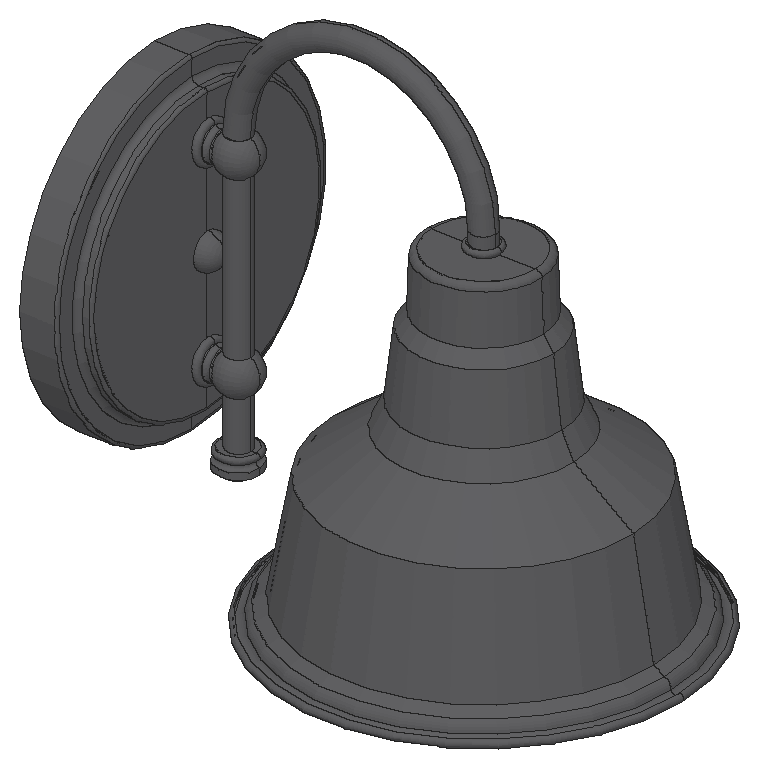
Revit family "Mini Wall Mount 1926 -8 LED", category Lighting Fixtures, Revit 2020
Family settings
  Round Connector Dimension = Use Diameter
  Part Type = Normal
  OmniClass Number = 23.80.70.00
  OmniClass Title = Lighting
  Work Plane-Based = No
  Always vertical = Yes
  Cut with Voids When Loaded = No
  Light Source = Yes
  Shared = No
  Room Calculation Point = No
Parameters (values of type "WM1926")
  Weight = "4.0 lbs"
  Wattage Comments = "9W"
  Wattage = 0.68 W
  Warranty = "5 year limited warranty"  # constant formula
  WM1926-1 = yes
  built-in parameter 1150110 = 1 (stored number, unit not read)
  Voltage = 277 V
  URL = "https://www.anplighting.com/assets/Uploads/product-attachments/specification-sheets/ANP-Specification-Sheet-RLM-LED-WM1926.pdf"
  built-in parameter 1114217 = 1 (stored number, unit not read)
  Tilt Angle = 90.00°
  built-in parameter 1150109 = 1 (stored number, unit not read)
  built-in parameter 1150134 = 12
  built-in parameter 1150113 = 1 (stored number, unit not read)
  Power Factor = 1
  Placement X axis side [instance] = 0' - 6 179/256"  # constant formula
  Photometric Web File = "WM1926M009LDNW40K.IES"
  Model = "WM1926"
  Manufacturer = "ANP Lighting"  # constant formula
  built-in parameter 1150105 = 67.641 (stored number, unit not read)
  Lumens = 850 lm
  built-in parameter 1150115 = 1 (stored number, unit not read)
  Load Classification = Lighting
  Light Source Height [instance] = 0' - 4 11/16"  # constant formula
  built-in parameter 1150137 = (empty or 0)
  built-in parameter 1150139 = (empty or 0)
  Light Elevation _2 [instance] = 0' - 1 137/256"  # constant formula
  Light Elevation _1 [instance] = 0' - 0 7/8"  # constant formula
  Light Elevation [instance] = 0' - 0"  # constant formula
  built-in parameter 1150112 = 1 (stored number, unit not read)
  built-in parameter 1150114 = 1 (stored number, unit not read)
  Lamp = "LED"
  built-in parameter 1150132 = 2
  built-in parameter 1150102 = (empty or 0)
  built-in parameter 1150107 = 4000 (stored number, unit not read)
  built-in parameter 1150138 = (empty or 0)
  built-in parameter 1150106 = 0.67641 (stored number, unit not read)
  INSIDE BODY = INSIDE BODY
  Fixture Height = 0' - 6 7/8"
  Fixture Diameter = 0' - 10 3/4"
  built-in parameter 1150104 = 116.13 (stored number, unit not read)
  Dimming Lamp Color Temperature Shift = <None>
  Description = "120-277 Voltage"  # constant formula
  Default Elevation = 0' - 0"
  Construction Material = "Heavy Duty spun aluminum."  # constant formula
  Color Filter = 16777215
  Bulb = Bulb
  Body Material = body
  Body Colour = "Spun aluminium"  # constant formula
  built-in parameter 1114218 = 1 (stored number, unit not read)
  built-in parameter 1150133 = 10 (stored number, unit not read)
  Apparent Load = 9 VA
Reference planes (in)
  plane 1 "Light Source Axis (F/B)": y = 0
  plane 2: z = 0
  plane 3 "Light Source Axis (L/R)": x = 0
  plane 4 "Light Source Elevation": z = 0
  plane 5: z = 0
  plane 6: x = 6.69922
  plane 7 "Bulb Position": z = -1.53516
  plane 8 "Canopy Position": z = -0.875
  plane 9 "IES": z = -6.22266
Dimensions and locks (in)
  "Light Elevation": plane 5 to plane 2
  "Placement X axis side": plane 6 to plane 3 "Light Source Axis (L/R)"
  "Light Elevation _2": plane 5 to plane 7 "Bulb Position"
  "Light Elevation _1": plane 5 to plane 8 "Canopy Position"
  "Light Source Height": plane 7 "Bulb Position" to plane 9 "IES"
  locked: plane 4 "Light Source Elevation" to plane 2
  aligned and locked: level to plane 2
  aligned and locked: imposter light to plane 9 "IES"
  aligned and locked: plane 6 to imposter light
  aligned and locked: plane 3 "Light Source Axis (L/R)" to nested 1
  aligned and locked: plane 5 to nested 1
Nested families (in)
  nested 1: "WM1926" at (0, 0, 0) x (-1, 0, 0) z (0, 0, 1), visible <- "WM1926-1", type "WM1926"
Definition of nested family "WM1926"
  Parameters (values of type "WM1926")
    WM1926-1 = yes
    WM1926 = none
    Default Elevation = 0' - 0"
  Reference planes (in)
    plane 1 "Center (Front/Back)": y = 0
    plane 2: z = 0
    plane 3 "Center (Left/Right)": x = 0
  Forms (in)
    Revolve 1, solid, material <- "WM1926", visible <- "WM1926-1"
      sketch origin (-6.7, 0, -13.86982) x (1, 0, 0) y (0, 0, 1)
        loop
          line (-3.46875, 6.11982) -> (-3.69446, 5.97978)
          arc (-3.69446, 5.97978) -> (-3.77896, 5.89269) -> (-3.8125, 5.77607) r 0.25
          arc (-3.8125, 5.77607) -> (-3.88525, 5.70501) -> (-3.98437, 5.68232) r 0.18769
          arc (-3.98437, 5.68232) -> (-4, 5.69794) -> (-3.98437, 5.71357) r 0.01562
          line (-3.98437, 5.71357) -> (-3.98437, 5.77607)
          arc (-3.98437, 5.77607) -> (-4.0625, 5.69794) -> (-3.98438, 5.61982) r 0.07812
          arc (-3.98438, 5.61982) -> (-3.80119, 5.68392) -> (-3.70862, 5.85449) r 0.26941
          arc (-3.70862, 5.85449) -> (-3.68388, 5.88652) -> (-3.65228, 5.9118) r 0.17
          line (-3.65228, 5.9118) -> (-3.45175, 6.03622)
          arc (-3.45175, 6.03622) -> (-3.40715, 6.08004) -> (-3.3856, 6.13874) r 0.1425
          arc (-3.3856, 6.13874) -> (-3.2199, 7.20629) -> (-3.00453, 8.26494) r 23.1214
          arc (-3.00453, 8.26494) -> (-2.98209, 8.3186) -> (-2.94288, 8.36156) r 0.17
          arc (-2.94288, 8.36156) -> (-2.40164, 8.76486) -> (-1.84574, 9.14769) r 18.0919
          arc (-1.84574, 9.14769) -> (-1.78931, 9.19483) -> (-1.74473, 9.25331) r 0.33
          arc (-1.74473, 9.25331) -> (-1.6296, 9.46422) -> (-1.53177, 9.6837) r 2.99166
          arc (-1.53177, 9.6837) -> (-1.51839, 9.72501) -> (-1.51055, 9.76772) r 0.33
          line (-1.51055, 9.76772) -> (-1.36601, 11.01076)
          arc (-1.36601, 11.01076) -> (-1.35469, 11.055) -> (-1.33201, 11.09463) r 0.17
          line (-1.33201, 11.09463) -> (-1.20691, 11.25762)
          arc (-1.20691, 11.25762) -> (-1.15812, 11.34701) -> (-1.1389, 11.44702) r 0.33
          line (-1.1389, 11.44702) -> (-1.10662, 12.37139)
          arc (-1.10662, 12.37139) -> (-1.09291, 12.40219) -> (-1.06165, 12.41482) r 0.045
          line (-1.06165, 12.41482) -> (-0.17, 12.41482) -> (-0.17, 12.49482) -> (-1.06165, 12.49482)
          arc (-1.06165, 12.49482) -> (-1.14848, 12.45974) -> (-1.18657, 12.37418) r 0.125
          line (-1.18657, 12.37418) -> (-1.22165, 11.36982) -> (-1.4375, 11.08857) -> (-1.59375, 9.74482)
          arc (-1.59375, 9.74482) -> (-1.70672, 9.48881) -> (-1.84375, 9.24482) r 2.91166
          arc (-1.84375, 9.24482) -> (-2.46216, 8.8199) -> (-3.0625, 8.36982) r 18.1719
          arc (-3.0625, 8.36982) -> (-3.29336, 7.24983) -> (-3.46875, 6.11982) r 23.2014
        axis (0, 5.61982) -> (0, 12.49482)
      angle from 0 to 360
    Sweep 2, solid, material <- "WM1926", visible <- "WM1926-1"
      path origin (-6.7, 0, -13.86982) x (1, 0, 0) y (0, 0, 1)
        loop
          line (5, 6.99412) -> (5, 12.85385)
          arc (5, 12.85385) -> (2.5, 15.35385) -> (0, 12.85385) r 2.5
          line (0, 12.85385) -> (0, 12.49482)
      profile origin (-4.2, 0, 1.48404) x (0, 0, -1) y (0, -1, 0)
        loop
          circle (0, 0) r 0.25
        loop
          circle (0, 0) r 0.1875
    Revolve 3, solid, material <- "WM1926", visible <- "WM1926-1"
      sketch origin (-6.7, 0, -13.86982) x (1, 0, 0) y (0, 0, 1)
        loop
          line (-0.28527, 12.49482) -> (-0.25, 12.49482) -> (-0.25, 12.61982) -> (-0.28527, 12.61982)
          arc (-0.28527, 12.61982) -> (-0.34777, 12.55732) -> (-0.28527, 12.49482) r 0.0625
        axis (0, 12.61982) -> (0, 12.49482)
      angle from 0 to 360
    Revolve 4, solid, material <- "WM1926", visible <- "WM1926-1"
      sketch origin (-6.7, 0, -17.86982) x (1, 0, 0) y (0, 0, 1)
        loop
          arc (5.2825, 12.82889) -> (4.81586, 12.89168) -> (4.5625, 12.49482) r 0.4375
          line (4.5625, 12.49482) -> (5.6375, 12.49482) -> (5.6375, 12.85482)
          arc (5.6375, 12.85482) -> (5.55361, 12.92642) -> (5.49608, 12.83232) r 0.0725
          line (5.49608, 12.83232) -> (5.46125, 12.83232)
          arc (5.46125, 12.83232) -> (5.38841, 12.79169) -> (5.31375, 12.82889) r 0.08937
          line (5.31375, 12.82889) -> (5.2825, 12.82889)
        axis (5.6375, 12.49482) -> (4.5625, 12.49482)
      angle from 0 to 360
    Revolve 5, solid, material <- "WM1926", visible <- "WM1926-1"
      sketch origin (-6.7, 0, -13.86982) x (1, 0, 0) y (0, 0, 1)
        loop
          line (6.7, 13.93232) -> (6.0125, 13.93232)
          arc (6.0125, 13.93232) -> (5.96831, 13.91401) -> (5.95, 13.86982) r 0.0625
          line (5.95, 13.86982) -> (5.95, 13.55732)
          arc (5.95, 13.55732) -> (5.91339, 13.46893) -> (5.825, 13.43232) r 0.125
          line (5.825, 13.43232) -> (5.7, 13.43232)
          arc (5.7, 13.43232) -> (5.65581, 13.41401) -> (5.6375, 13.36982) r 0.0625
          line (5.6375, 13.36982) -> (5.6375, 10.49482) -> (5.7, 10.49482) -> (5.7, 13.36982) -> (5.825, 13.36982)
          arc (5.825, 13.36982) -> (5.95758, 13.42474) -> (6.0125, 13.55732) r 0.1875
          line (6.0125, 13.55732) -> (6.0125, 13.86982) -> (6.7, 13.86982) -> (6.7, 13.93232)
        axis (6.7, 10.49482) -> (5.6375, 10.49482)
      angle from 0 to 360
    Revolve 6, solid, material <- "WM1926", visible <- "WM1926-1"
      sketch origin (-6.7, 0, -13.86982) x (1, 0, 0) y (0, 0, 1)
        loop
          arc (5.2825, 12.82889) -> (4.81586, 12.89168) -> (4.5625, 12.49482) r 0.4375
          line (4.5625, 12.49482) -> (5.6375, 12.49482) -> (5.6375, 12.85482)
          arc (5.6375, 12.85482) -> (5.55361, 12.92642) -> (5.49608, 12.83232) r 0.0725
          line (5.49608, 12.83232) -> (5.46125, 12.83232)
          arc (5.46125, 12.83232) -> (5.38841, 12.79169) -> (5.31375, 12.82889) r 0.08937
          line (5.31375, 12.82889) -> (5.2825, 12.82889)
        axis (5.6375, 12.49482) -> (4.5625, 12.49482)
      angle from 0 to 360
    Revolve 7, solid, material <- "WM1926", visible <- "WM1926-1"
      sketch origin (-6.7, 0, -13.86982) x (1, 0, 0) y (0, 0, 1)
        loop
          arc (4.63149, 7.01078) -> (4.63878, 6.92522) -> (4.5625, 6.88578) r 0.07725
          line (4.5625, 6.88578) -> (4.5625, 6.76248) -> (4.67988, 6.71679) -> (4.72803, 6.64803) -> (5, 6.63578) -> (5, 7.13578) -> (4.63149, 7.13578)
          arc (4.63149, 7.13578) -> (4.56899, 7.07328) -> (4.63149, 7.01078) r 0.0625
        axis (5, 7.13578) -> (5, 6.63578)
      angle from 0 to 360
    Revolve 8, solid, material <- "WM1926", visible <- "WM1926-1"
      sketch origin (-6.7, 0, -15.86982) x (1, 0, 0) y (0, 0, 1)
        loop
          arc (5.6375, 12.85482) -> (5.38294, 12.74938) -> (5.2775, 12.49482) r 0.36
          line (5.2775, 12.49482) -> (5.6375, 12.49482) -> (5.6375, 12.85482)
        axis (5.6375, 12.49482) -> (5.2775, 12.49482)
      angle from 0 to 360
  Lines and regions (in)
    symbolic lines
      curve 1: line (-10.76253, 0, -8.16866) -> (-10.76253, 0, -8.20161)
      curve 2: line (0, 0, -3.375) -> (-0.08441, 0, -3.375)
      curve 3: line (-4.12153, 0, 1.74212) -> (-3.9349, 0, 1.74212)
  Dimensions and locks (in)
    plane 3 "Center (Left/Right)" to curve 1 = 0' - 10.76253"
    locked: Revolve 1 to Revolve 3 at 6.875
    curve 2 to curve 3 = 0' - 5.11712"
    aligned and locked: plane 2 to level
